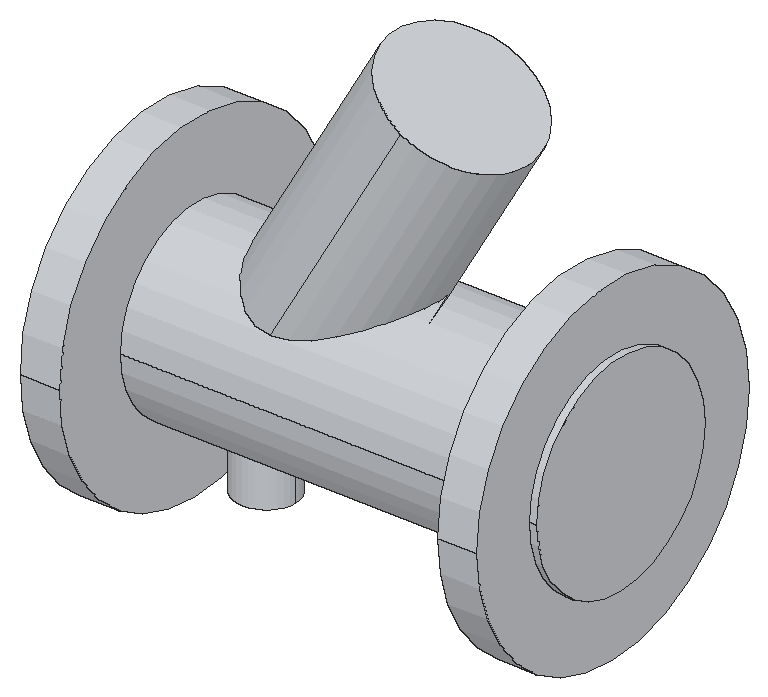
Revit family "HS 821-síto_jemné-PN40-DN050-RFA_2018", category Pipe Accessories, Revit 2018
Family settings
  Round Connector Dimension = Use Diameter
  Part Type = Breaks Into
  Work Plane-Based = No
  Always vertical = Yes
  Cut with Voids When Loaded = No
  Shared = No
Parameters (values of type "821F-DN050-PN40-síto_jemné")
  magiProductId = "c451f97266fe48da8f879cb6a2bd44"
  magiProductFamilyId = "79214ac3aaa945e397802f559f5c1e"
  magiPartTypeId = 307
  isMeasuringValve [instance] = no
  ang2D [instance] = 0.00°
  ZB__ve = -ZB  # -26.75 mm
  ZB1 = 41.31 mm
  ZB = 26.75 mm
  X2 = 79.061 mm
  X1 = 32.2 mm
  W2D = 15 mm
  VersionID = "2.0/2017.9.26.1/ZETKAMA_821_001"
  Use Minimum Symbol Size [instance] = yes
  URL = "www.hydronic.cz"
  Type Comments = "Filtr přírubový; síto jemné; A-PN16 (-10~300°C); D-PN25 (-10~350°C); F-PN40 (-10~400°C)"
  S = 102 mm
  QmdConnectorList = "301;D;302;D"
  Productdata [instance] = ""
  Manufacturer = "Hydronic Systems Prague s.r.o."
  MC Product Code = "250 650 (821F; DN050; PN40; kvs53,7; oko síta 0,63mm)"
  LM1 = 18.4 mm
  LM = 184 mm
  L4 = 57.5 mm
  L2D_Min = 3048 mm
  L2D = 130 mm
  L2 = 115 mm
  HH2 = 136.938 mm
  FD = 165 mm
  Description = "Filtr přírubový; síto jemné; 821A-PN16; 821D-PN25; 821F-PN40"
  DM1 = 73.8 mm
  DM = 91.8 mm
  D = 50 mm
  CC = 3.91 mm
  CAT0 = yes
  C1 = 19.09 mm
  C = 23 mm
  BD = 28.917 mm
Types (40, lengths in mm): name | magiProductId | ZB__ve | ZB1 | ZB | X2 | X1 | S | MC Product Code | LM1 | LM | L4 | L2 | HH2 | FD | DM1 | DM | D | CC | C1 | C | BD
  821A-DN015-PN16-síto_jemné | "a71bcfe8b393460598b23e8ddf7dc5" | -16.25 | 18.63 | 16.25 | 46.982 | 18.2 | 46 | "210 115 (821A; DN015; PN16; kvs6,2; oko síta 0,63mm)" | 10.4 | 104 | 32.5 | 65 | 81.375 | 95 | 27.6 | 41.4 | 15 | 2.21 | 10.79 | 13 | 13.041
  821A-DN020-PN16-síto_jemné | "41cd6c7a12924f4991217528336076" | -17.75 | 22.68 | 17.75 | 51.673 | 21 | 56 | "210 120 (821A; DN020; PN16; kvs9,6; oko síta 0,63mm)" | 12 | 120 | 37.5 | 75 | 89.5 | 105 | 33.6 | 50.4 | 20 | 2.55 | 12.45 | 15 | 15.876
  821A-DN025-PN16-síto_jemné | "be378b463ed14c3abf4c9b3ae8cf3a" | -19.25 | 26.325 | 19.25 | 58.601 | 22.4 | 65 | "210 125 (821A; DN025; PN16; kvs14,2; oko síta 0,63mm)" | 12.8 | 128 | 40 | 80 | 101.5 | 115 | 43.2 | 58.5 | 25 | 2.72 | 13.28 | 16 | 18.427
  821A-DN032-PN16-síto_jemné | "227a0d18b21540afabe8b6067d35fa" | -23 | 30.78 | 23 | 68.849 | 25.2 | 76 | "210 132 (821A; DN032; PN16; kvs23,1; oko síta 0,63mm)" | 14.4 | 144 | 45 | 90 | 119.25 | 140 | 50.4 | 68.4 | 32 | 3.06 | 14.94 | 18 | 21.546
  821A-DN040-PN16-síto_jemné | "d106917c74724141a10440112d0102" | -24.5 | 34.02 | 24.5 | 75.777 | 28 | 84 | "210 140 (821A; DN040; PN16; kvs36,6; oko síta 0,63mm)" | 16 | 160 | 50 | 100 | 131.25 | 150 | 60 | 75.6 | 40 | 3.4 | 16.6 | 20 | 23.814
  821A-DN050-PN16-síto_jemné | "8255d456a09e4f6486734f5dd9171b" | -26.75 | 40.095 | 26.75 | 79.061 | 32.2 | 99 | "210 150 (821A; DN050 PN16; kvs53,7; oko síta 0,63mm)" | 18.4 | 184 | 57.5 | 115 | 136.938 | 165 | 73.8 | 89.1 | 50 | 3.91 | 19.09 | 23 | 28.066
  821A-DN065-PN16-síto_jemné | "235b1b3e4c0843779a4d5e3716d40a" | -29.75 | 47.79 | 29.75 | 86.927 | 40.6 | 118 | "210 165 (821A; DN065; PN16; kvs95,1; oko síta 0,63mm)" | 23.2 | 232 | 72.5 | 145 | 150.562 | 185 | 94.2 | 106.2 | 65 | 4.93 | 24.07 | 29 | 33.453
  821A-DN080-PN16-síto_jemné | "a067f7c5236348ed8c820d16df7214" | -32 | 53.46 | 32 | 104.753 | 43.4 | 132 | "210 180 (821A; DN080; PN16; kvs137,1; oko síta 0,63mm)" | 24.8 | 248 | 77.5 | 155 | 181.438 | 200 | 107.4 | 118.8 | 80 | 5.27 | 25.73 | 31 | 37.422
  821A-DN100-PN16-síto_jemné | "c49a648c2747461285837d643703cd" | -35 | 63.18 | 35 | 114.857 | 49 | 156 | "210 190 (821A; DN100; PN16; kvs206,4; oko síta 0,63mm)" | 28 | 280 | 87.5 | 175 | 198.937 | 220 | 131.4 | 140.4 | 100 | 5.95 | 29.05 | 35 | 44.226
  821A-DN125-PN16-síto_jemné | "bf68e728a163493cbd2a663b26ebdc" | -39.5 | 74.52 | 39.5 | 131.888 | 56 | 184 | "210 191 (821A; DN125; PN16; kvs268,8; oko síta 0,63mm)" | 32 | 320 | 100 | 200 | 228.438 | 250 | 165 | 165.6 | 125 | 6.8 | 33.2 | 40 | 52.164
  821A-DN150-PN16-síto_jemné | "2de770284b654863ae6bc865769dc5" | -44.75 | 85.455 | 44.75 | 155.885 | 67.2 | 211 | "210 192 (821A; DN150; PN16; kvs401,4; oko síta 0,63mm)" | 38.4 | 384 | 120 | 240 | 270 | 285 | 192 | 189.9 | 150 | 8.16 | 39.84 | 48 | 59.818
  821A-DN200-PN16-síto_jemné | "8e5693371ab64aabb29a7f08c76e15" | -53 | 107.73 | 53 | 188.361 | 84 | 266 | "210 193 (821A; DN200; PN16; kvs706,7; oko síta 0,63mm)" | 48 | 480 | 150 | 300 | 326.25 | 340 | 252 | 239.4 | 200 | 10.2 | 49.8 | 60 | 75.411
  821A-DN250-PN16-síto_jemné | "05e37ed948c34047acdd4c42556504" | -62.75 | 129.195 | 62.75 | 255.911 | 102.2 | 319 | "210 194 (821A; DN250; PN16; kvs1229,4; oko síta 0,63mm)" | 58.4 | 584 | 182.5 | 365 | 443.25 | 405 | 309.6 | 287.1 | 250 | 12.41 | 60.59 | 73 | 90.436
  821A-DN300-PN16-síto_jemné | "9ad0af747269428da925480d83ce80" | -71 | 149.85 | 71 | 325.914 | 119 | 370 | "210 195 (821A; DN300; PN16; kvs1902,4; oko síta 0,63mm)" | 68 | 680 | 212.5 | 425 | 564.5 | 460 | 369.6 | 333 | 300 | 14.45 | 70.55 | 85 | 104.895
  821A-DN350-PN16-síto_jemné | "eebc71459bb3451bb4355e7951370a" | -80 | 173.745 | 80 | 356.875 | 137.2 | 429 | "200 196 (821A; DN350; PN16; kvs2611,0; oko síta 0,63mm)" | 78.4 | 784 | 245 | 490 | 618.125 | 520 | 438 | 386.1 | 350 | 16.66 | 81.34 | 98 | 121.621
  821A-DN400-PN16-síto_jemné | "d2f677cb196647e385b2590e7d8abe" | -89 | 194.4 | 89 | 392.237 | 154 | 480 | "210 197 (821A; DN400; PN16; kvs3438,4; oko síta 0,63mm)" | 88 | 880 | 275 | 550 | 679.375 | 580 | 498 | 432 | 400 | 18.7 | 91.3 | 110 | 136.08
  821D-DN015-PN25-síto_jemné | "27ddcbf555414f8ca1fde329bf9087" | -16.25 | 18.63 | 16.25 | 46.982 | 18.2 | 46 | "210 215 (821D; DN015; PN25; kvs6,2; oko síta 0,63mm)" | 10.4 | 104 | 32.5 | 65 | 81.375 | 95 | 27.6 | 41.4 | 15 | 2.21 | 10.79 | 13 | 13.041
  821D-DN020-PN25-síto_jemné | "270e0f14012f47189cd0235c18faee" | -17.75 | 22.68 | 17.75 | 51.673 | 21 | 56 | "210 220 (821D; DN020; PN25; kvs9,6; oko síta 0,63mm)" | 12 | 120 | 37.5 | 75 | 89.5 | 105 | 33.6 | 50.4 | 20 | 2.55 | 12.45 | 15 | 15.876
  821D-DN025-PN25-síto_jemné | "b9a7fb4aa36643878c637d8e1ab992" | -19.25 | 26.325 | 19.25 | 58.601 | 22.4 | 65 | "210 225 (821D; DN025; PN25; kvs14,2; oko síta 0,63mm)" | 12.8 | 128 | 40 | 80 | 101.5 | 115 | 43.2 | 58.5 | 25 | 2.72 | 13.28 | 16 | 18.427
  821D-DN032-PN25-síto_jemné | "6be9a55c4e68400f94eec7e804204c" | -23 | 30.78 | 23 | 68.849 | 25.2 | 76 | "210 232 (821D; DN032; PN25; kvs23,1; oko síta 0,63mm)" | 14.4 | 144 | 45 | 90 | 119.25 | 140 | 50.4 | 68.4 | 32 | 3.06 | 14.94 | 18 | 21.546
  821D-DN040-PN25-síto_jemné | "c54511bd7f584ec2984291479612cb" | -24.5 | 34.02 | 24.5 | 75.777 | 28 | 84 | "210 240 (821D; DN040; PN25; kvs36,6; oko síta 0,63mm)" | 16 | 160 | 50 | 100 | 131.25 | 150 | 60 | 75.6 | 40 | 3.4 | 16.6 | 20 | 23.814
  821D-DN050-PN25-síto_jemné | "5483b1f596b04cd39b23a14a22c90e" | -26.75 | 40.095 | 26.75 | 79.061 | 32.2 | 99 | "210 250 (821D; DN050; PN25; kvs53,7; oko síta 0,63mm)" | 18.4 | 184 | 57.5 | 115 | 136.938 | 165 | 73.8 | 89.1 | 50 | 3.91 | 19.09 | 23 | 28.066
  821D-DN065-PN25-síto_jemné | "767b0f8318e94750bc7a9930ed5b30" | -29.75 | 47.79 | 29.75 | 86.927 | 40.6 | 118 | "210 265 (821D; DN065; PN25; kvs95,1; oko síta 0,63mm)" | 23.2 | 232 | 72.5 | 145 | 150.562 | 185 | 94.2 | 106.2 | 65 | 4.93 | 24.07 | 29 | 33.453
  821D-DN080-PN25-síto_jemné | "e21040fa3cc2404b858198f6b73709" | -32 | 53.46 | 32 | 104.753 | 43.4 | 132 | "210 280 (821D; DN080; PN25; kvs137,1; oko síta 0,63mm)" | 24.8 | 248 | 77.5 | 155 | 181.438 | 200 | 107.4 | 118.8 | 80 | 5.27 | 25.73 | 31 | 37.422
  821D-DN100-PN25-síto_jemné | "175ca87a506b40b3bc6b82f12f33cf" | -37.25 | 63.18 | 37.25 | 114.857 | 49 | 156 | "210 290 (821D; DN100; PN25; kvs206,4; oko síta 0,63mm)" | 28 | 280 | 87.5 | 175 | 198.937 | 235 | 131.4 | 140.4 | 100 | 5.95 | 29.05 | 35 | 44.226
  821D-DN125-PN25-síto_jemné | "77cc98d60da24855999a22dff726b2" | -42.5 | 74.52 | 42.5 | 131.888 | 56 | 184 | "210 291 (821D; DN125; PN25; kvs268,8; oko síta 0,63mm)" | 32 | 320 | 100 | 200 | 228.438 | 270 | 165 | 165.6 | 125 | 6.8 | 33.2 | 40 | 52.164
  821D-DN150-PN25-síto_jemné | "9cf8acfcd15547d68e83172d3abcbe" | -47 | 85.455 | 47 | 155.885 | 67.2 | 211 | "210 292 (821D; DN150; PN25; kvs401,4; oko síta 0,63mm)" | 38.4 | 384 | 120 | 240 | 270 | 300 | 192 | 189.9 | 150 | 8.16 | 39.84 | 48 | 59.818
  821D-DN200-PN25-síto_jemné | "16973f3c9ea14389ba8602495a6b64" | -56 | 110.97 | 56 | 188.361 | 84 | 274 | "210 293 (821D; DN200; PN25; kvs706,7; oko síta 0,63mm)" | 48 | 480 | 150 | 300 | 326.25 | 360 | 252 | 246.6 | 200 | 10.2 | 49.8 | 60 | 77.679
  821F-DN015-PN40-síto_jemné | "4c7eaf3c4c0340888b3e684d8a8616" | -16.25 | 18.225 | 16.25 | 46.982 | 18.2 | 45 | "250 615 (821F; DN015; PN40; kvs6,2; oko síta 0,63mm)" | 10.4 | 104 | 32.5 | 65 | 81.375 | 95 | 27.6 | 40.5 | 15 | 2.21 | 10.79 | 13 | 12.757
  821F-DN020-PN40-síto_jemné | "aaac5f1ec96b44d6ba96ac2293d66d" | -17.75 | 23.49 | 17.75 | 51.673 | 21 | 58 | "250 620 (821F; DN020; PN40; kvs9,6; oko síta 0,63mm)" | 12 | 120 | 37.5 | 75 | 89.5 | 105 | 33.6 | 52.2 | 20 | 2.55 | 12.45 | 15 | 16.443
  821F-DN025-PN40-síto_jemné | "504768023968471481789485b54c7e" | -19.25 | 27.54 | 19.25 | 58.601 | 22.4 | 68 | "250 625 (821F; DN025; PN40; kvs14,2; oko síta 0,63mm)" | 12.8 | 128 | 40 | 80 | 101.5 | 115 | 43.2 | 61.2 | 25 | 2.72 | 13.28 | 16 | 19.278
  821F-DN032-PN40-síto_jemné | "165e7f39cf744f329bdf1c400dad12" | -23 | 31.59 | 23 | 68.849 | 25.2 | 78 | "250 632 (821F; DN032; PN40; kvs23,1; oko síta 0,63mm)" | 14.4 | 144 | 45 | 90 | 119.25 | 140 | 50.4 | 70.2 | 32 | 3.06 | 14.94 | 18 | 22.113
  821F-DN040-PN40-síto_jemné | "b8903f952089408fbf3a5a632bab1f" | -24.5 | 35.64 | 24.5 | 75.777 | 28 | 88 | "250 640 (821F; DN040; PN40; kvs36,6; oko síta 0,63mm)" | 16 | 160 | 50 | 100 | 131.25 | 150 | 60 | 79.2 | 40 | 3.4 | 16.6 | 20 | 24.948
  821F-DN050-PN40-síto_jemné | "c451f97266fe48da8f879cb6a2bd44" | -26.75 | 41.31 | 26.75 | 79.061 | 32.2 | 102 | "250 650 (821F; DN050; PN40; kvs53,7; oko síta 0,63mm)" | 18.4 | 184 | 57.5 | 115 | 136.938 | 165 | 73.8 | 91.8 | 50 | 3.91 | 19.09 | 23 | 28.917
  821F-DN065-PN40-síto_jemné | "dc9821e3f9b34e128f6a8c6b34c198" | -29.75 | 49.41 | 29.75 | 86.927 | 40.6 | 122 | "250 665 (821F; DN065; PN40; kvs95,1; oko síta 0,63mm)" | 23.2 | 232 | 72.5 | 145 | 150.562 | 185 | 94.2 | 109.8 | 65 | 4.93 | 24.07 | 29 | 34.587
  821F-DN080-PN40-síto_jemné | "689aa1e260f84cf4994f027a1d86b5" | -32 | 55.89 | 32 | 104.753 | 43.4 | 138 | "250 680 (821F; DN080; PN40; kvs137,1; oko síta 0,63mm)" | 24.8 | 248 | 77.5 | 155 | 181.438 | 200 | 107.4 | 124.2 | 80 | 5.27 | 25.73 | 31 | 39.123
  821F-DN100-PN40-síto_jemné | "8a45d4e8e2ab425f8c432f21d684f3" | -37.25 | 65.61 | 37.25 | 114.857 | 49 | 162 | "250 690 (821F; DN100; PN40; kvs206,4; oko síta 0,63mm)" | 28 | 280 | 87.5 | 175 | 198.937 | 235 | 131.4 | 145.8 | 100 | 5.95 | 29.05 | 35 | 45.927
  821F-DN125-PN40-síto_jemné | "cf073904c006406b8645afa67ea2fc" | -42.5 | 76.14 | 42.5 | 131.888 | 56 | 188 | "250 691 (821F; DN125; PN40; kvs268,8; oko síta 0,63mm)" | 32 | 320 | 100 | 200 | 228.438 | 270 | 165 | 169.2 | 125 | 6.8 | 33.2 | 40 | 53.298
  821F-DN150-PN40-síto_jemné | "0153b9ddabe14992a630484929fdbc" | -47 | 88.29 | 47 | 155.885 | 67.2 | 218 | "250 692 (821F; DN150; PN40; kvs401,4; oko síta 0,63mm)" | 38.4 | 384 | 120 | 240 | 270 | 300 | 192 | 196.2 | 150 | 8.16 | 39.84 | 48 | 61.803
  821F-DN200-PN40-síto_jemné | "7fb3fc01dd8d42428c203e3f8dd4d5" | -56 | 115.425 | 56 | 188.361 | 84 | 285 | "250 693 (821F; DN200; PN40; kvs706,7; oko síta 0,63mm)" | 48 | 480 | 150 | 300 | 326.25 | 360 | 252 | 256.5 | 200 | 10.2 | 49.8 | 60 | 80.797
Reference planes
  plane 1 "Center (Front/Back)": y = 0
  plane 2 "XYPLANE": z = 0
  plane 3 "Center (Left/Right)": x = 0
  plane 4 "109": x = -73.6
  plane 5 "108": x = 92
  plane 6 "107": x = -92
  plane 7 "105": x = 115
  plane 8 "104": x = -115
  plane 9 "103": y = 0
  plane 10 "102": z = 0
  plane 11 "101": x = -111.09
  plane 12 "100": x = 111.09
  plane 13 "11": x = -41.4
  plane 14 "10": z = 136.938
  plane 15 "9": x = 37.661
  plane 16 "5": z = -41.31
  plane 17 "4": x = -57.5
  plane 18 "1": x = 57.5
Forms (mm)
  Extrusion 1, solid, visible <- "CAT0"
    sketch origin (-92, -750, 0) x (0, 1, 0) y (0, 0, 1)
      loop
        circle (750, 0) r 45.9
    from 0 to 184 <- "LM"
  Extrusion 2, solid
    sketch origin (-115, -750, 0) x (0, 1, 0) y (0, 0, 1)
      loop
        circle (750, 0) r 51
    from 0 to 3.91 <- "CC"
  Extrusion 3, solid
    sketch origin (-111.09, -750, 0) x (0, 1, 0) y (0, 0, 1)
      loop
        circle (750, 0) r 82.5
    from 0 to 19.09 <- "C1"
  Extrusion 4, solid
    sketch origin (92, -750, 0) x (0, 1, 0) y (0, 0, 1)
      loop
        circle (750, 0) r 82.5
    from 0 to 19.09 <- "C1"
  Extrusion 5, solid
    sketch origin (111.09, -750, 0) x (0, 1, 0) y (0, 0, 1)
      loop
        circle (750, 0) r 51
    from 0 to 3.91 <- "CC"
  Sweep 6, solid, visible <- "CAT0"
    path origin (750, 0, 0) x (-1, 0, 0) y (0, 0, 1)
      loop
        line (842, 0) -> (791.4, 0) -> (712.339, 136.938)
    profile origin (-92, 0, 0) x (0, 0, -1) y (0, 1, 0)
      loop
        circle (0, 0) r 36.9
  Extrusion 7, solid, visible <- "CAT0"
    sketch origin (-750, 0, -41.31) x (1, 0, 0) y (0, 1, 0)
      loop
        circle (692.5, 0) r 14.458
    from 0 to -26.75 <- "ZB__ve"
  Extrusion 8, solid, visible <- "CAT0"
    sketch origin (-750, 0, -41.31) x (1, 0, 0) y (0, 1, 0)
      loop
        circle (807.5, 0) r 14.458
    from 0 to -26.75 <- "ZB__ve"
  Extrusion 9, solid, not visible
    sketch origin (115, -750, 0) x (0, 1, 0) y (0, 0, 1)
      loop
        circle (750, 0) r 10
    from 0 to -10
  Extrusion 10, solid, not visible
    sketch origin (-115, -750, 0) x (0, 1, 0) y (0, 0, 1)
      loop
        circle (750, 0) r 10
    from 0 to 10
Lines and regions (mm)
  reference lines, not visible
    curve 1: circle (2, 2, 0) r 1 normal (0, 0, 1)
Dimensions and locks
  plane 1 "Center (Front/Back)" to curve 1 = 2 mm
  "LM1": plane 6 "107" to plane 4 "109"
  "LM": plane 6 "107" to plane 5 "108"
  "C": plane 8 "104" to plane 6 "107"
  "L2": plane 3 "Center (Left/Right)" to plane 7 "105"
  "L2": plane 3 "Center (Left/Right)" to plane 8 "104"
  locked: plane 1 "Center (Front/Back)" to plane 9 "103"
  locked: plane 2 "XYPLANE" to plane 10 "102"
  "CC": plane 8 "104" to plane 11 "101"
  "C1": plane 5 "108" to plane 12 "100"
  "X1": plane 4 "109" to plane 13 "11"
  "HH2": plane 2 "XYPLANE" to plane 14 "10"
  "X2": plane 13 "11" to plane 15 "9"
  "ZB1": plane 2 "XYPLANE" to plane 16 "5"
  "L4": plane 8 "104" to plane 17 "4"
  "L2": plane 17 "4" to plane 18 "1"
  Sweep 6 sketch curve to Sweep 6 sketch curve = 0 mm  (x2)
  "DM": diameter of Extrusion 1 sketch curve
  "S": diameter of Extrusion 2 sketch curve
  "FD": diameter of Extrusion 3 sketch curve
  "FD": diameter of Extrusion 4 sketch curve
  "S": diameter of Extrusion 5 sketch curve
  "DM1": diameter of Sweep 6 sketch curve
  "BD": diameter of Extrusion 7 sketch curve
  "BD": diameter of Extrusion 8 sketch curve
  aligned and locked: level to plane 2 "XYPLANE"
  aligned and locked: Extrusion 1 sketch curve to plane 9 "103"
  aligned and locked: plane 10 "102" to Extrusion 1 sketch curve
  aligned and locked: Extrusion 2 sketch curve to plane 9 "103"
  aligned and locked: plane 10 "102" to Extrusion 2 sketch curve
  aligned and locked: Extrusion 3 sketch curve to plane 9 "103"
  aligned and locked: plane 10 "102" to Extrusion 3 sketch curve
  aligned and locked: Extrusion 4 sketch curve to plane 9 "103"
  aligned and locked: plane 10 "102" to Extrusion 4 sketch curve
  aligned and locked: Extrusion 5 sketch curve to plane 9 "103"
  aligned and locked: plane 10 "102" to Extrusion 5 sketch curve
  aligned and locked: Sweep 6 sketch curve to plane 9 "103"
  aligned and locked: plane 10 "102" to Sweep 6 sketch curve  (x3)
  aligned and locked: plane 6 "107" to Sweep 6 sketch curve
  aligned and locked: plane 13 "11" to Sweep 6 sketch curve
  aligned and locked: plane 14 "10" to Sweep 6 sketch curve
  aligned and locked: plane 15 "9" to Sweep 6 sketch curve
  aligned and locked: plane 9 "103" to Extrusion 7 sketch curve
  aligned and locked: plane 17 "4" to Extrusion 7 sketch curve
  aligned and locked: plane 9 "103" to Extrusion 8 sketch curve
  aligned and locked: plane 18 "1" to Extrusion 8 sketch curve
  aligned and locked: Extrusion 9 sketch curve to plane 9 "103"
  aligned and locked: plane 10 "102" to Extrusion 9 sketch curve
  aligned and locked: Extrusion 10 sketch curve to plane 9 "103"
  aligned and locked: plane 10 "102" to Extrusion 10 sketch curve
Automatic sketch dimensions
  plane 1 "Center (Front/Back)" to Extrusion 9 sketch curve = 10 mm
  plane 1 "Center (Front/Back)" to Extrusion 10 sketch curve = 10 mm
  plane 3 "Center (Left/Right)" to curve 1 = 2 mm
  radius of curve 1 = 1 mm
Connectors
  piping at (-115, 0, 0), diameter 50, driven by "D"
    settings: on Extrusion 10, index 1, connector inside diameter 609.6 mm, connector length 0 mm, flow factor 0, pipe flow 0.0 L/s, pressure drop 0.0 Pa, fitting loss kfactor 0, connector angle 0.00°, fixture units 0, engagement length 0 mm, angle of deflection 0.00°, flow configuration 0, flow direction 0, fitting loss method 0, system type 29, joint type 0, gender type 0, connector reference index 2, connector utility 0, adjustable connector no, is connector primary yes, connector description ""
  piping at (115, 0, 0), diameter 50, driven by "D"
    settings: on Extrusion 9, index 2, connector inside diameter 609.6 mm, connector length 0 mm, flow factor 0, pipe flow 0.0 L/s, pressure drop 0.0 Pa, fitting loss kfactor 0, connector angle 0.00°, fixture units 0, engagement length 0 mm, angle of deflection 0.00°, flow configuration 0, flow direction 0, fitting loss method 0, system type 29, joint type 0, gender type 0, connector reference index 1, connector utility 0, adjustable connector no, is connector primary no, connector description ""
